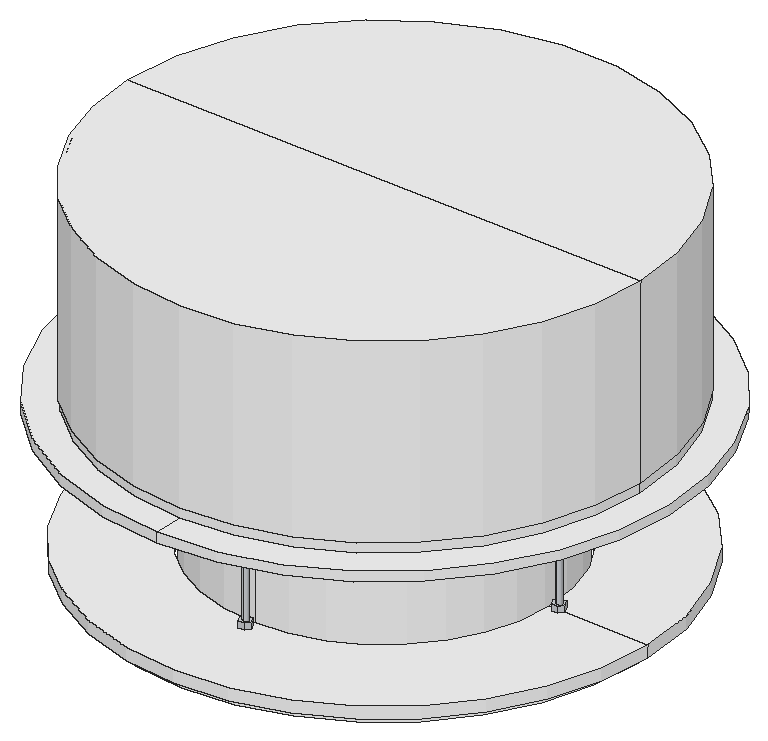
Revit family "R1200-JD-M-G5H-W31H4", category Plumbing Fixtures, host Face, Revit 2018
Family settings
  Host = Face
  Round Connector Dimension = Use Radius
  Part Type = Normal
  Cut with Voids When Loaded = No
  Shared = No
  Room Calculation Point = No
Parameters (values of type "R1202,3,4-JD-M-G5H-W31H4 _4" Drain Pipe Size")
  WFU = 0
  URL = "WWW.MIFAB.COM"
  Pipe Radius = Pipe Diameter / 2  # 0' - 2"
  Pipe Diameter = 0' - 4"
  No Hub Standard Height = 0' - 6 1/2"
  Model = "R1202,3,4-JD-M-G5H-W31H4"
  Manufacturer = "MIFAB"
  Floor Drain Material = Paint - Sherwin Williams Paint - #952C2A - Bellwood Red
  Description = "LARGE GREEN ROOF DRAIN WITH PERFORATED S.S. 5\" HIGH BALLAST GUARD, ABS STANDPIPE AND REMOVABLE COVER WITH LIFT HANDLE"
  Default Elevation = 0' - 0"
  CWFU = 0
  Bottom Height = 0' - 3 1/2"
  Assembly Code = ""
Types (7): name | Pipe Radius | Pipe Diameter | No Hub Standard Height | Model
  (no name) | 0' - 2" | 0' - 4" | 0' - 6 1/2" | "R1202,3,4-JD-M-G5H-W31H4"
  R1205,6-JD-M-G5H-W31H4 _6" Drain Pipe Size | 0' - 3" | 0' - 6" | 0' - 6 1/2" | "R1205,6-JD-M-G5H-W31H4"
  R1208-JD-M-G5H-W31H4_8" Drain Pipe Size | 0' - 4" | 0' - 8" | 0' - 6 1/2" | "R1208-JD-M-G5H-W31H4"
  R1205,6-JD-M-G5H-W31H4 _5" Drain Pipe Size | 0' - 2 1/2" | 0' - 5" | 0' - 6 3/4" | "R1205,6-JD-M-G5H-W31H4"
  R1202,3,4-JD-M-G5H-W31H4 _4" Drain Pipe Size | 0' - 2" | 0' - 4" | 0' - 6 1/2" | "R1202,3,4-JD-M-G5H-W31H4"
  R1202,3,4-JD-M-G5H-W31H4 _3" Drain Pipe Size | 0' - 1 1/2" | 0' - 3" | 0' - 6 1/2" | "R1202,3,4-JD-M-G5H-W31H4"
  R1202,3,4-JD-M-G5H-W31H4 _2" Drain Pipe Size | 0' - 1" | 0' - 2" | 0' - 6 1/2" | "R1202,3,4-JD-M-G5H-W31H4"
Reference planes (in)
  plane 1 "Center (Front/Back)": y = 0
  plane 2: z = 0
  plane 3 "Center (Left/Right)": x = 0
  plane 4: z = -7.25
  plane 5: z = -3
  plane 6: z = -5
  plane 7: y = -2
  plane 8: y = 2
  plane 9: x = -2.5
  plane 10: x = 2.5
  plane 11: z = 5
  plane 12: x = 7.5
  plane 13: x = -7.5
  plane 14: y = 7.5
  plane 15: y = -7.5
  plane 16: z = -5.14286
  plane 17: z = -0.25
  plane 18: z = -6.5
  plane 19: y = 3.75
  plane 20: y = -3.75
  plane 21: y = 4.8125
  plane 22: y = -4.8125
  plane 23: x = 6.23869
  plane 24: x = 6.75
  plane 25: x = -6.75
  plane 26: z = 4.5
  plane 27: z = -3.5
  plane 28: z = -4.26379
  plane 29: z = 4
Forms (in)
  Revolve 1, solid, material "Paint - Sherwin Williams Paint - #952C2A - Bellwood Red" <- "Floor Drain Material"
    sketch origin (0, 0.04396, -2.375) x (0, 1, 0) y (0, 0, 1)
      loop
        line (-4.16896, 2.375) -> (-7.54396, 2.375) -> (-7.54396, 2.125) -> (-4.85646, 2.125) -> (-4.85646, 1.375) -> (-4.29396, 1.375) -> (-4.29396, -2.0625) -> (-2.04396, -2.0625) -> (-2.04396, -4.125) -> (-1.79396, -4.125) -> (-1.79396, -1.8125) -> (-3.66896, -1.8125) -> (-3.66896, -0.625) -> (-4.16896, -0.625) -> (-4.16896, 2.375)
      axis (-0.04396, 2.375) -> (-0.04396, -4.125)
    angle from 0 to 360
  Revolve 2, solid, material "Paint - Sherwin Williams Paint - #952C2A - Bellwood Red" <- "Floor Drain Material"
    sketch origin (0, 0, 7.5) x (1, 0, 0) y (0, 0, 1)
      loop
        line (6.75, -2.5) -> (0, -2.5) -> (0, -2.56366) -> (6.68634, -2.56366) -> (6.68634, -7.25) -> (6.75, -7.25) -> (6.75, -2.5)
      axis (0, -7.25) -> (0, -2.5)
    angle from 0 to 360
  Revolve 3, solid, material "Paint - Sherwin Williams Paint - #952C2A - Bellwood Red" <- "Floor Drain Material"
    sketch origin (0, 0, 0) x (1, 0, 0) y (0, 0, 1)
      loop
        line (6.72286, 0) -> (6.72286, 0.25) -> (6.46702, 0.25) -> (6.46702, 0.57791) -> (6.17015, 0.57791) -> (6.17015, 0.25) -> (5.47336, 0.25) -> (4.30025, 3.65696)
        arc (4.30025, 3.65696) -> (3.84423, 4.26764) -> (3.11835, 4.5) r 1.25
        line (3.11835, 4.5) -> (0, 4.5) -> (0, 4.25) -> (3.11835, 4.25)
        arc (3.11835, 4.25) -> (3.69905, 4.06412) -> (4.06387, 3.57557) r 1
        line (4.06387, 3.57557) -> (5.20895, 0.25) -> (2.46702, 0.25) -> (2.46702, 0.57791) -> (2.17015, 0.57791) -> (2.17015, 0) -> (6.72286, 0)
      loop
        line (2.13281, 0) -> (2.22396, 4) -> (1.96926, 4) -> (1.96926, 0) -> (2.13281, 0)
      axis (0, 0) -> (0, 4.5)
    angle from 0 to 360
  Revolve 4, solid, material "Paint - Sherwin Williams Paint - #952C2A - Bellwood Red" <- "Floor Drain Material"
    sketch origin (0, 0, 0) x (1, 0, 0) y (0, 0, 1)
      loop
        line (6.9375, -3.5) -> (4.35041, -3.5) -> (4.35041, -4.01379) -> (5.35041, -4.01379) -> (5.35041, -4.26379) -> (5.85041, -4.26379) -> (5.85041, -4.01379) -> (6.6875, -4.01379) -> (6.6875, -3.80633) -> (6.9375, -3.80633) -> (6.9375, -3.5)
      axis (0, -4.26379) -> (0, -3.5)
    angle from 0 to 360
Lines and regions (in)
  model lines, not visible
    curve 1: line (6.7156, 0, 9.07611) -> (12.5156, 0, 9.07611)
    curve 2: line (12.5156, 0, 9.07611) -> (12.5156, 0, 10.82611)
    curve 3: line (12.5156, 0, 10.82611) -> (6.7156, 0, 10.82611)
    curve 4: line (6.7156, 0, 10.82611) -> (6.7156, 0, 9.07611)
    curve 5: line (7.13163, 0, 10.86539) -> (7.13163, 0, 12.86539)
    curve 6: line (7.13163, 0, 12.86539) -> (15.53163, 0, 12.86539)
    curve 7: line (15.53163, 0, 12.86539) -> (15.53163, 0, 10.86539)
    curve 8: line (11.33163, 0, 12.86539) -> (11.33163, 0, 12.36539)
    curve 9: line (0, 28.52778, -10.8585) -> (0, 28.52778, -8.6085)
    curve 10: line (0, 28.52778, -8.6085) -> (0, 21.02778, -8.6085)
    curve 11: line (0, 21.02778, -8.6085) -> (0, 21.02778, -10.8585)
    curve 12: line (0, 24.77778, -8.6085) -> (0, 24.77778, -9.1085)
    curve 13: line (13.30546, 0, 10.44272) -> (13.30546, 0, 12.69272)
    curve 14: line (13.30546, 0, 12.69272) -> (26.80546, 0, 12.69272)
    curve 15: line (26.80546, 0, 12.69272) -> (26.80546, 0, 10.44272)
    curve 16: line (20.05546, 0, 12.69272) -> (20.05546, 0, 13.19272)
Dimensions and locks (in)
  locked: plane 5 to plane 4 at 4.25
  equal spacing: plane 8, plane 1 "Center (Front/Back)", plane 7
  "Pipe Diameter": plane 8 to plane 7
  "Pipe Radius": plane 1 "Center (Front/Back)" to plane 7
  plane 11 to level = 0' - 5"
  plane 13 to plane 3 "Center (Left/Right)" to plane 12 = 0' - 7 1/2" locked, 0' - 7 1/2" locked
  plane 13 to plane 12 = 1' - 3"  (x3)
  plane 15 to plane 1 "Center (Front/Back)" to plane 14 = 0' - 7 1/2" locked, 0' - 7 1/2" locked
  plane 15 to plane 14 = 1' - 3"
  locked: plane 2 to plane 17 at 0.25
  "No Hub Standard Height": plane 2 to plane 18
  equal spacing: plane 19, plane 1 "Center (Front/Back)", plane 20
  plane 19 to plane 20 = 0' - 7 1/2"
  locked: Revolve 1 sketch curve to plane 15 at 2.6875
  plane 21 to plane 22 = 0' - 9 5/8"
  locked: plane 6 to plane 18 at 1.5
  Revolve 1 sketch curve to plane 22 = 0' - 0 9/16"
  locked: plane 11 to plane 2 at 5
  plane 26 to level = 0' - 4 1/2"
  locked: plane 27 to plane 28 at 0.76379
  "Bottom Height": plane 2 to plane 27
  locked: plane 29 to level at 4
  aligned and locked: plane 2 to host face
  aligned and locked: level to host face
  aligned and locked: Revolve 1 sketch curve to plane 18
  aligned and locked: plane 17 to Revolve 1 sketch curve
  aligned and locked: plane 15 to Revolve 1 sketch curve
  aligned and locked: Revolve 2 sketch curve to plane 11
  aligned and locked: plane 3 "Center (Left/Right)" to Revolve 2 sketch curve
  aligned and locked: plane 27 to Revolve 4 sketch curve
  aligned and locked: plane 28 to Revolve 4 sketch curve
  aligned and locked: plane 1 "Center (Front/Back)" to nested 1
  aligned and locked: nested 1 to Revolve 1
  aligned and locked: nested 2 to Revolve 1
  aligned and locked: nested 3 to Revolve 1
  aligned and locked: nested 4 to Revolve 1
  aligned and locked: nested 2 to plane 1 "Center (Front/Back)"
  aligned and locked: plane 3 "Center (Left/Right)" to nested 4
  aligned and locked: plane 3 "Center (Left/Right)" to nested 3
Automatic sketch dimensions
  curve 5 to curve 7 = 0' - 8.4"
  curve 5 to curve 8 = 0' - 4.2"
  curve 5 to curve 5 = 0' - 2"
  curve 7 to curve 6 = 0' - 2"
  curve 8 to curve 8 = 0' - 0 1/2"
  host sketch curve to host sketch curve = 8' - 0"  (x2)
  Revolve 1 sketch curve to plane 5 = 0' - 0"
  Revolve 1 sketch curve to level = 0' - 0"
  plane 20 to Revolve 1 sketch curve = 0' - 0 1/8"
  Revolve 1 sketch curve to plane 7 = 0' - 0"
  Revolve 1 sketch curve to plane 1 "Center (Front/Back)" = 0' - 0"
  Revolve 1 sketch curve to plane 4 = 0' - 0"
  plane 6 to Revolve 1 sketch curve = 0' - 0 9/16"
  Revolve 1 sketch curve to plane 20 = 0' - 0 3/8"
  Revolve 1 sketch curve to plane 7 = 0' - 0 1/4"
  plane 6 to Revolve 1 sketch curve = 0' - 0 13/16"
  Revolve 1 sketch curve to plane 17 = 0' - 0 3/4"
  Revolve 1 sketch curve to plane 5 = 0' - 0 1/4"
  Revolve 2 sketch curve to plane 3 "Center (Left/Right)" = 0' - 0"
  Revolve 2 sketch curve to plane 24 = 0' - 0"
  Revolve 2 sketch curve to plane 26 = 0' - 0"
  level to Revolve 2 sketch curve = 0' - 0 1/4"
  Revolve 2 sketch curve to plane 24 = 0' - 0.06366"
  Revolve 2 sketch curve to plane 26 = 0' - 0 1/2"
  Revolve 2 sketch curve to plane 11 = 0' - 0.06366"
  Revolve 4 sketch curve to plane 3 "Center (Left/Right)" = 0' - 0"
  Revolve 4 sketch curve to plane 10 = 0' - 1.85041"
  Revolve 4 sketch curve to plane 23 = 0' - 0.88828"
  Revolve 4 sketch curve to plane 23 = 0' - 0.38828"
  Revolve 4 sketch curve to plane 24 = 0' - 0 1/16"
  plane 24 to Revolve 4 sketch curve = 0' - 0 3/16"
  Revolve 4 sketch curve to Revolve 4 sketch curve = 0' - 0 1/4"  (x2)
  Revolve 4 sketch curve to Revolve 4 sketch curve = 0' - 0.20746"
  plane 11 to Revolve 4 sketch curve = 0' - 11.79464"
  Revolve 4 sketch curve to Revolve 4 sketch curve = 0' - 2 1/4"
  Revolve 3 sketch curve to Revolve 3 sketch curve = 0' - 0"  (x2)
  Revolve 3 sketch curve to plane 3 "Center (Left/Right)" = 0' - 0"  (x2)
  Revolve 3 sketch curve to level = 0' - 0"  (x2)
  Revolve 3 sketch curve to plane 29 = 0' - 0"
  Revolve 3 sketch curve to plane 26 = 0' - 0"
  plane 10 to Revolve 3 sketch curve = 0' - 0.53074"
  Revolve 3 sketch curve to Revolve 3 sketch curve = 0' - 0.16355"
  plane 10 to Revolve 3 sketch curve = 0' - 0.32985"
  plane 10 to Revolve 3 sketch curve = 0' - 0.03298"
  Revolve 3 sketch curve to plane 10 = 0' - 0.61835"
  Revolve 3 sketch curve to plane 29 = 0' - 0.42443"
  Revolve 3 sketch curve to Revolve 3 sketch curve = 0' - 0.94552"
  Revolve 3 sketch curve to plane 29 = 0' - 0.34304"
  Revolve 3 sketch curve to Revolve 3 sketch curve = 0' - 0.23638"
  level to Revolve 3 sketch curve = 0' - 0 1/4"  (x3)
  Revolve 3 sketch curve to plane 23 = 0' - 1.02973"
  Revolve 3 sketch curve to Revolve 3 sketch curve = 0' - 0.26441"
  Revolve 3 sketch curve to plane 23 = 0' - 0.06854"
  plane 23 to Revolve 3 sketch curve = 0' - 0.22834"
  Revolve 3 sketch curve to plane 24 = 0' - 0.02714"
  Revolve 3 sketch curve to Revolve 3 sketch curve = 0' - 0.32791"  (x2)
  Revolve 3 sketch curve to Revolve 3 sketch curve = 0' - 0.25469"
  plane 11 to Revolve 3 sketch curve = 0' - 2.65404"
  Revolve 3 sketch curve to Revolve 3 sketch curve = 0' - 1 3/4"
Nested families (in)
  nested 1: "Bolt1" at (-4.55567, 0, -4.01379), type "Bolt1"
    with Height 0' - 3.01379"
  nested 2: "Bolt1" at (4.58798, 0, -4.01379) x (0, 1, 0) z (0, 0, 1), type "Bolt1"
    with Height 0' - 3.01379"
  nested 3: "Bolt1" at (0, 4.57488, -4.01379) x (0, 1, 0) z (0, 0, 1), type "Bolt1"
    with Height 0' - 3.01379"
  nested 4: "Bolt1" at (0, -4.57063, -4.01379) x (0, 1, 0) z (0, 0, 1), type "Bolt1"
    with Height 0' - 3.01379"
Connectors (in)
  piping at (0, 0, -6.5), diameter 4, driven by "Pipe Radius", driven by "WFU"
    settings: on Revolve 1, index 2, connector inside diameter 2", connector length 0' - 0", flow factor 0, pipe flow 0 GPM, pressure drop 0.00 psi, fitting loss kfactor 0, connector angle 0.00°, fixture units 0, engagement length 0' - 0", angle of deflection 0.00°, flow configuration 3, flow direction 2, fitting loss method 0, system type 16, joint type 0, gender type 0, connector reference index -1, connector utility 0, adjustable connector no, is connector primary yes, connector description "Sanitary Out"
Definition of nested family "Bolt1"
  Parameters (values of type "Bolt1")
    Material = none
    Height [instance] = 1' - 1.38583"
    Default Elevation = 4' - 0"
  Reference planes (in)
    plane 1 "Center (Front/Back)": y = 0
    plane 2: z = 0
    plane 3 "Center (Left/Right)": x = 0
    plane 4: z = 13.38583
    plane 5: z = 0.51562
    plane 6: z = 0.67452
  Forms (in)
    Extrusion 1, solid
      sketch origin (0, 0, 0) x (1, 0, 0) y (0, 1, 0)
        loop
          line (-48, 48) -> (-48, -48) -> (48, -48) -> (48, 48) -> (-48, 48)
      from 0 to -12
    Revolve 2, solid, material <- "Material"
      sketch origin (0, 0, 0) x (1, 0, 0) y (0, 0, 1)
        loop
          line (0, 13.38583) -> (0, -0.33562) -> (0.11073, -0.33562) -> (0.11073, -0.09843) -> (0.20961, -0.09843) -> (0.20961, 0) -> (0.07382, 0) -> (0.07382, 12.93209) -> (0.11234, 12.93209)
          arc (0.11234, 12.93209) -> (0.14919, 12.94735) -> (0.16446, 12.9842) r 0.05211
          line (0.16446, 12.9842) -> (0.16446, 13.38583) -> (0, 13.38583)
        axis (0, -0.33562) -> (0, 13.38583)
      angle from 0 to 360
    Extrusion 3, solid, material <- "Material"
      sketch origin (0, 0, 0) x (1, 0, 0) y (0, 1, 0)
        loop
          line (0, 0.16446) -> (-0.14242, 0.08223) -> (-0.14242, -0.08223) -> (0, -0.16446) -> (0.14242, -0.08223) -> (0.14242, 0.08223) -> (0, 0.16446)
      from 0.51562 to 0.67452
  Dimensions and locks (in)
    "Height": plane 4 to plane 2
    aligned and locked: plane 2 to Extrusion 1
    aligned and locked: level to Extrusion 1
    aligned and locked: Revolve 2 sketch curve to plane 3 "Center (Left/Right)"
    aligned and locked: Extrusion 1 to Revolve 2 sketch curve
    aligned and locked: Extrusion 3 to plane 5
    aligned and locked: plane 6 to Extrusion 3
  Automatic sketch dimensions
    Extrusion 1 sketch curve to Extrusion 1 sketch curve = 8' - 0"  (x2)
    Revolve 2 sketch curve to plane 3 "Center (Left/Right)" = 0' - 0"
    Revolve 2 sketch curve to plane 4 = 0' - 0"
    plane 3 "Center (Left/Right)" to Revolve 2 sketch curve = 0' - 0.07382"
    Revolve 2 sketch curve to Revolve 2 sketch curve = 0' - 0.11073"
    Revolve 2 sketch curve to Revolve 2 sketch curve = 0' - 0.03852"
    plane 3 "Center (Left/Right)" to Revolve 2 sketch curve = 0' - 0.16446"
    Revolve 2 sketch curve to Revolve 2 sketch curve = 0' - 0.13579"
    Revolve 2 sketch curve to level = 0' - 0.09843"
    Revolve 2 sketch curve to Revolve 2 sketch curve = 0' - 0.23719"
    Revolve 2 sketch curve to plane 4 = 0' - 0.45374"
    Revolve 2 sketch curve to Revolve 2 sketch curve = 0' - 5.38878"
    Revolve 2 sketch curve to Revolve 2 sketch curve = 0' - 5.51181"
